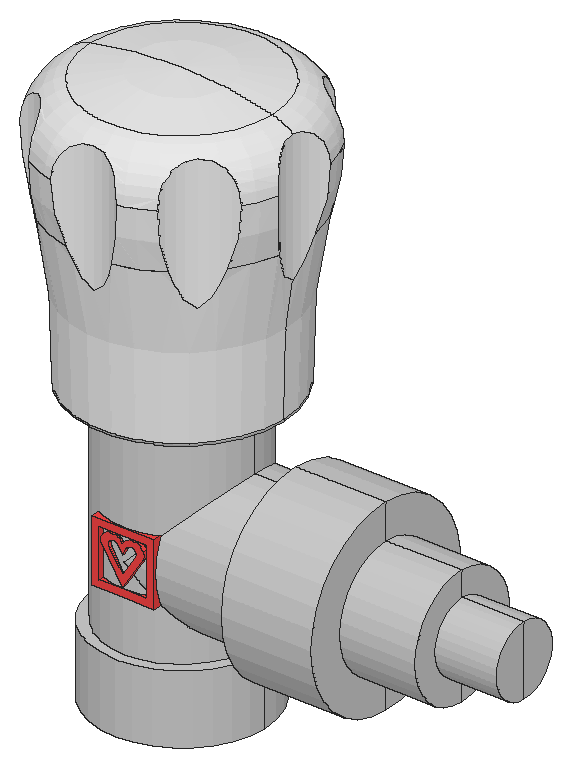
Revit family "GP Heizkörperregulierventil Eck 5524", category Rohrzubehör, Revit 2018
Family settings
  Bemaßung runder Anschluss = Durchmesser verwenden
  Teiletyp = Unterbricht
  OmniClass-Nummer = 23.65.55.14
  OmniClass-Titel = Valves for Liquid Services
  Arbeitsebenenbasiert = Nein
  Immer vertikal = Ja
  Beim Laden mit Abzugskörper schneiden = Nein
  Gemeinsam genutzt = Nein
Parameters
  URL = "www.herz-armaturen.at"
  SCRNSEQ = "ARM;ARM_TYP=\"ALLF\";2"
  SCRNCODE = "05;00;02"  # constant formula
  S04 = 45.000 mm  # constant formula
  S03 [instance] = H02 - 5.000 mm + 41.000 mm  # 60.000 mm
  S02 [instance] = L04 + L03 - L02  # 25.500 mm
  S01 = 10.000 mm  # constant formula
  Nennweite [instance] = 10.000 mm
  Medium = "Heizwasserqualität entsprechend ÖNORM H 5195 bzw. VDI-Richtllinie 2035."
  Max.Betriebstemperatur = 120 °C  # constant formula
  Max.Betriebsdruck = 1000000.0 Pa  # constant formula
  LO1 [instance] = R01 - 0.500 mm  # 10.000 mm
  L04 [instance] = size_lookup("5524_", "L4", 1.000 mm, Nennweite)  # 20.000 mm
  L03 [instance] = size_lookup("5524_", "L3", 1.000 mm, Nennweite)  # 13.000 mm
  L02 [instance] = size_lookup("5524_", "L2", 1.000 mm, Nennweite)  # 7.500 mm
  L01 [instance] = size_lookup("5524_", "L1", 1.000 mm, Nennweite)  # 24.000 mm
  Hersteller = "HERZ Armaturen Ges.m.b.H."  # constant formula
  Handrad = "Kunststoff, weiß"  # constant formula
  H03 [instance] = size_lookup("5524_", "H3", 1.000 mm, Nennweite)  # 10.000 mm
  H02 [instance] = size_lookup("5524_", "H2", 1.000 mm, Nennweite)  # 24.000 mm
  H01 [instance] = size_lookup("5524_", "H1", 1.000 mm, Nennweite)  # 22.000 mm
  Gehäuse = "vernickeltes Messing"  # constant formula
  GT1 [instance] = size_lookup("5524_", "GT1", 1.000 mm, Nennweite)  # 9.000 mm
  GT [instance] = size_lookup("5524_", "GT", 1.000 mm, Nennweite)  # 9.500 mm
  G2 [instance] = Nennweite / 2  # 5.000 mm
  G1 [instance] = Nennweite / 2  # 5.000 mm
  R01 = 10.500 mm  # constant formula
  D05 [instance] = size_lookup("5524_", "D5", 1.000 mm, Nennweite)  # 8.500 mm
  D04 [instance] = size_lookup("5524_", "D4", 1.000 mm, Nennweite)  # 13.500 mm
  D03 [instance] = R01  # 10.500 mm
  D02 [instance] = size_lookup("5524_", "D2", 1.000 mm, Nennweite)  # 7.940 mm
  D01 [instance] = size_lookup("5524_", "D1", 1.000 mm, Nennweite)  # 12.000 mm
  Bestellnummer [instance] = size_lookup("5524_", "Artnr", 0, Nennweite)  # 1552420
  Ausführungen = "Universalmodelle mit Spezialmuffen für Gewinderohr und Klemmsetanschluss, vernickelt."
Reference planes
  plane 1 "Mitte (Vorne/hinten)": y = 0
  plane 2: z = 0
  plane 3 "Mitte (Links/rechts)": x = 0
Forms (mm)
  Revolve 1, solid, material "Messing, weicher Gelbton, geschweißt", detail levels fine
    sketch origin (0, 0, 0) x (1, 0, 0) y (0, 0, 1)
      loop
        line (0, 24) -> (-10.5, 24) -> (-10.5, -12) -> (-12, -12) -> (-12, -22) -> (-5, -22) -> (-5, -12.5) -> (0, -12.5) -> (0, 24)
      axis (0, 24) -> (0, -22)
    angle from 0 to 360
  Revolve 2, solid, material "Messing, weicher Gelbton, geschweißt", detail levels fine
    sketch origin (0, 0, 0) x (1, 0, 0) y (0, 0, 1)
      loop
        line (0, 0) -> (24, 0) -> (24, 7.94) -> (16.5, 7.94) -> (16.5, 10.5) -> (0, 10.5) -> (0, 0)
      axis (0, 0) -> (24, 0)
    angle from 0 to 360
  Revolve 3, solid, material "Messing, weicher Gelbton, geschweißt", detail levels fine
    sketch origin (-1, 0, 0) x (1, 0, 0) y (0, 0, 1)
      loop
        line (25, 0) -> (50.5, 0) -> (50.5, 5) -> (41.5, 5) -> (41.5, 8.5) -> (30.5, 8.5) -> (30.5, 13.5) -> (17.5, 13.5) -> (17.5, 7.94) -> (25, 7.94) -> (25, 0)
      axis (17.5, 0) -> (50.5, 0)
    angle from 0 to 360
Lines and regions (mm)
  model lines, detail levels coarse+medium
    curve 1: line (0, 0, 0) -> (12, 0, -22)
    curve 2: line (12, 0, -22) -> (-12, 0, -22)
    curve 3: line (-12, 0, -22) -> (0, 0, 0)
    curve 4: line (0, 0, 0) -> (24, 0, 13.5)
    curve 5: line (24, 0, 13.5) -> (24, 0, -13.5)
    curve 6: line (24, 0, -13.5) -> (0, 0, 0)
    curve 7: line (24, 0, 13.5) -> (34, 0, 13.5)
    curve 8: line (34, 0, 13.5) -> (24, 0, 0)
    curve 9: line (24, 0, -13.5) -> (34, 0, -13.5)
    curve 10: line (34, 0, -13.5) -> (24, 0, 0)
    curve 11: line (24, 0, 0) -> (49.5, 0, 0)
    curve 12: line (0, 0, 0) -> (0, 0, 60)
    curve 13: line (-22.5, 0, 60) -> (22.5, 0, 60)
    curve 14: line (0, 0, 0) -> (0, 60, 0)
    curve 15: line (-22.5, 60, 0) -> (22.5, 60, 0)
    curve 16: line (0, 0, 0) -> (12, -22, 0)
    curve 17: line (12, -22, 0) -> (-12, -22, 0)
    curve 18: line (-12, -22, 0) -> (0, 0, 0)
    curve 19: line (0, 0, 0) -> (24, 13.5, 0)
    curve 20: line (24, 13.5, 0) -> (24, -13.5, 0)
    curve 21: line (24, -13.5, 0) -> (0, 0, 0)
    curve 22: line (24, 13.5, 0) -> (34, 13.5, 0)
    curve 23: line (34, 13.5, 0) -> (24, 0, 0)
    curve 24: line (24, -13.5, 0) -> (34, -13.5, 0)
    curve 25: line (24, 0, 0) -> (34, -13.5, 0)
Dimensions and locks
  "H02": Revolve 1 sketch curve to plane 2
  "H01": plane 2 to Revolve 1 sketch curve
  "R01": Revolve 1 sketch curve to Revolve 1 sketch curve
  "G1": Revolve 1 sketch curve to Revolve 1 sketch curve
  "D01": Revolve 1 sketch curve to Revolve 1 sketch curve
  "GT": Revolve 1 sketch curve to Revolve 1 sketch curve
  "H03": Revolve 1 sketch curve to Revolve 1 sketch curve
  "D02": Revolve 2 sketch curve to Revolve 2 sketch curve
  "D03": Revolve 2 sketch curve to Revolve 2 sketch curve
  "L01": Revolve 2 sketch curve to Revolve 2 sketch curve
  "L02": Revolve 2 sketch curve to Revolve 2 sketch curve
  "H02": nested 1 to plane 2
  "LO1": nested 2 to plane 1 "Mitte (Vorne/hinten)"
  "L02": Revolve 3 sketch curve to Revolve 3 sketch curve
  "L03": Revolve 3 sketch curve to Revolve 3 sketch curve
  "L04": Revolve 3 sketch curve to Revolve 3 sketch curve
  "D04": Revolve 3 sketch curve to Revolve 3 sketch curve
  "G2": Revolve 3 sketch curve to Revolve 3 sketch curve
  "D05": Revolve 3 sketch curve to Revolve 3 sketch curve
  "GT1": Revolve 3 sketch curve to Revolve 3 sketch curve
  "L01": plane 3 "Mitte (Links/rechts)" to Revolve 3 sketch curve
  "D02": Revolve 3 sketch curve to plane 2
  "H01": plane 2 to curve 2
  "L01": curve 5 to plane 3 "Mitte (Links/rechts)"
  "D01": curve 2 to plane 3 "Mitte (Links/rechts)" to curve 3
  "D04": curve 5 to plane 2 to curve 6
  "S01": curve 5 to curve 8
  "S01": curve 5 to curve 10
  "S02": curve 11 to curve 11
  "S03": curve 12 to plane 2
  equal spacing: curve 13, curve 12, curve 13
  "S04": curve 13 to curve 13
  "S04": curve 15 to curve 15
  equal spacing: curve 15, curve 14, curve 15
  "S03": plane 1 "Mitte (Vorne/hinten)" to curve 14
  "H01": curve 17 to plane 1 "Mitte (Vorne/hinten)"
  "D01": curve 18 to plane 3 "Mitte (Links/rechts)" to curve 17
  "L01": plane 3 "Mitte (Links/rechts)" to curve 20
  "D04": curve 21 to plane 1 "Mitte (Vorne/hinten)" to curve 20
  "S01": curve 20 to curve 23
  "S01": curve 20 to curve 25
  aligned and locked: level to plane 2
Automatic sketch dimensions
  curve 12 to plane 3 "Mitte (Links/rechts)" = 0.000 mm
  curve 4 to level = 0.000 mm
  curve 10 to level = 0.000 mm
  curve 8 to level = 0.000 mm
  plane 1 "Mitte (Vorne/hinten)" to curve 16 = 0.000 mm
  curve 16 to plane 3 "Mitte (Links/rechts)" = 0.000 mm
  plane 1 "Mitte (Vorne/hinten)" to curve 23 = 0.000 mm
  Revolve 1 sketch curve to plane 3 "Mitte (Links/rechts)" = 0.000 mm  (x2)
  Revolve 1 sketch curve to Revolve 1 sketch curve = 345.545 mm
  Revolve 1 sketch curve to Revolve 1 sketch curve = 2189.815 mm
  Revolve 2 sketch curve to level = 0.000 mm  (x2)
  Revolve 2 sketch curve to plane 3 "Mitte (Links/rechts)" = 0.000 mm
  Revolve 2 sketch curve to plane 3 "Mitte (Links/rechts)" = 1506.530 mm
  Revolve 2 sketch curve to Revolve 2 sketch curve = 1815.148 mm
  Revolve 3 sketch curve to level = 0.000 mm  (x2)
  Revolve 3 sketch curve to plane 3 "Mitte (Links/rechts)" = 1507.530 mm
  Revolve 3 sketch curve to Revolve 3 sketch curve = 1789.648 mm
Nested families
  nested 1: "Handrad-Heizkörperventile" at (0, 0, 18.5), type "Handrad-Heizkörperventile", detail levels fine
  nested 2: "Herz-Logo-vorne" at (0, -10, 0) x (0, -1, 0) z (0, 0, 1), type "Herz-Logo-vorne", detail levels fine
Connectors
  piping at (0, 0, -12.5), diameter 10, driven by "Nennweite"
    settings: on Revolve 1, index 1, connector inside diameter 609.6 mm, connector length 0.000 mm, flow factor 0, pipe flow 0.0 L/s, pressure drop 0.0 Pa, fitting loss kfactor 0, connector angle 0.00°, fixture units 0, engagement length 0.000 mm, angle of deflection 0.00°, flow configuration 0, flow direction 1, fitting loss method 0, system type 7, joint type 0, gender type 0, connector reference index -1, connector utility 0, adjustable connector no, is connector primary yes, connector description ""
  piping at (49.5, 0, 0), diameter 10, driven by "Nennweite"
    settings: on Revolve 3, index 2, connector inside diameter 609.6 mm, connector length 0.000 mm, flow factor 0, pipe flow 0.0 L/s, pressure drop 0.0 Pa, fitting loss kfactor 0, connector angle 0.00°, fixture units 0, engagement length 0.000 mm, angle of deflection 0.00°, flow configuration 0, flow direction 2, fitting loss method 0, system type 7, joint type 0, gender type 0, connector reference index -1, connector utility 0, adjustable connector no, is connector primary no, connector description ""
Definition of nested family "Handrad-Heizkörperventile"
  Parameters (values of type "Handrad-Heizkörperventile")
    T01 = 5.500 mm  # constant formula
    R01 = 10.500 mm  # constant formula
  Reference planes
    plane 1 "Mitte (Vorne/hinten)": y = 0
    plane 2: z = 0
    plane 3 "Mitte (Links/rechts)": x = 0
  Forms (mm)
    Revolve 1, solid, detail levels fine
      sketch origin (0, 0, 0) x (1, 0, 0) y (0, 0, 1)
        loop
          line (10.5, 0) -> (14.25, 0)
          arc (14.25, 0) -> (14.604, 0.146) -> (14.75, 0.5) r 0.5
          arc (14.75, 0.5) -> (15.098, 12.356) -> (17.195, 24.03) r 80
          arc (17.195, 24.03) -> (18.172, 28.281) -> (18.5, 32.63) r 29
          arc (18.5, 32.63) -> (17.011, 36.946) -> (13.177, 39.426) r 7
          arc (13.177, 39.426) -> (6.637, 40.626) -> (0, 41.028) r 55
          line (0, 41.028) -> (0, 5.5) -> (10.5, 5.5) -> (10.5, 0)
        axis (0, 41.028) -> (0, 0)
      angle from 0 to 360
    Extrusion 2, void
      sketch origin (0, 0, 0) x (1, 0, 0) y (0, 1, 0)
        loop
          arc (-16.011, 9.268) -> (-11.314, 11.314) -> (-9.268, 16.011) r 7
          arc (-9.268, 16.011) -> (-13.081, 13.081) -> (-16.011, 9.268) r 18.5
        loop
          arc (16.011, 9.268) -> (13.081, 13.081) -> (9.268, 16.011) r 18.5
          arc (9.268, 16.011) -> (11.314, 11.314) -> (16.011, 9.268) r 7
        loop
          arc (-16.011, -9.268) -> (-13.081, -13.081) -> (-9.268, -16.011) r 18.5
          arc (-9.268, -16.011) -> (-11.314, -11.314) -> (-16.011, -9.268) r 7
        loop
          arc (16.011, -9.268) -> (11.314, -11.314) -> (9.268, -16.011) r 7
          arc (9.268, -16.011) -> (13.081, -13.081) -> (16.011, -9.268) r 18.5
        loop
          arc (17.953, 4.58) -> (16.078, -0.188) -> (17.953, -4.956) r 7
          arc (17.953, -4.956) -> (18.578, -0.188) -> (17.953, 4.58) r 18.5
        loop
          arc (-17.953, 4.58) -> (-18.578, -0.188) -> (-17.953, -4.956) r 18.5
          arc (-17.953, -4.956) -> (-16.078, -0.188) -> (-17.953, 4.58) r 7
        loop
          arc (-4.58, 17.953) -> (0.188, 16.078) -> (4.956, 17.953) r 7
          arc (4.956, 17.953) -> (0.188, 18.578) -> (-4.58, 17.953) r 18.5
        loop
          arc (-4.58, -17.953) -> (0.188, -18.578) -> (4.956, -17.953) r 18.5
          arc (4.956, -17.953) -> (0.188, -16.078) -> (-4.58, -17.953) r 7
      from 15.609 to 43.011
  Cuts and joins
    Extrusion 2 cuts Revolve 1
  Dimensions and locks
    "R01": Revolve 1 sketch curve to Revolve 1 sketch curve
    Revolve 1 sketch curve to plane 3 "Mitte (Links/rechts)" = 14.750 mm
    "T01": Revolve 1 sketch curve to Revolve 1 sketch curve
    aligned and locked: level to plane 2
  Automatic sketch dimensions
    Extrusion 2 sketch curve to Extrusion 2 sketch curve = 0.000 mm  (x14)
    plane 1 "Mitte (Vorne/hinten)" to Extrusion 2 sketch curve = 0.000 mm
    Extrusion 2 sketch curve to plane 3 "Mitte (Links/rechts)" = 0.000 mm
    Extrusion 2 sketch curve to plane 3 "Mitte (Links/rechts)" = 0.078 mm
    Extrusion 2 sketch curve to plane 3 "Mitte (Links/rechts)" = 16.263 mm  (x2)
    plane 1 "Mitte (Vorne/hinten)" to Extrusion 2 sketch curve = 0.188 mm  (x2)
    Extrusion 2 sketch curve to Extrusion 2 sketch curve = 6.815 mm  (x4)
    plane 3 "Mitte (Links/rechts)" to Extrusion 2 sketch curve = 0.078 mm
    plane 3 "Mitte (Links/rechts)" to Extrusion 2 sketch curve = 0.188 mm  (x2)
    plane 1 "Mitte (Vorne/hinten)" to Extrusion 2 sketch curve = 0.078 mm
    Extrusion 2 sketch curve to Extrusion 2 sketch curve = 0.110 mm  (x2)
    Extrusion 2 sketch curve to plane 1 "Mitte (Vorne/hinten)" = 0.078 mm
    plane 3 "Mitte (Links/rechts)" to Extrusion 2 sketch curve = 16.263 mm  (x2)
    plane 1 "Mitte (Vorne/hinten)" to Extrusion 2 sketch curve = 16.263 mm  (x2)
    Extrusion 2 sketch curve to plane 1 "Mitte (Vorne/hinten)" = 16.263 mm  (x2)
    Extrusion 2 sketch curve to plane 3 "Mitte (Links/rechts)" = 4.580 mm  (x2)
    Extrusion 2 sketch curve to Extrusion 2 sketch curve = 4.688 mm  (x2)
    Extrusion 2 sketch curve to Extrusion 2 sketch curve = 0.252 mm  (x4)
    Extrusion 2 sketch curve to Extrusion 2 sketch curve = 1.942 mm  (x4)
    Extrusion 2 sketch curve to Extrusion 2 sketch curve = 4.312 mm  (x4)
    Revolve 1 sketch curve to plane 3 "Mitte (Links/rechts)" = 0.000 mm  (x2)
    Revolve 1 sketch curve to level = 0.000 mm
    Revolve 1 sketch curve to plane 3 "Mitte (Links/rechts)" = 10.500 mm
    plane 3 "Mitte (Links/rechts)" to Revolve 1 sketch curve = 11.500 mm
    Revolve 1 sketch curve to Revolve 1 sketch curve = 0.500 mm
    level to Revolve 1 sketch curve = 4.086 mm
    Revolve 1 sketch curve to Revolve 1 sketch curve = 79.920 mm
    Revolve 1 sketch curve to level = 13.972 mm
    Revolve 1 sketch curve to Revolve 1 sketch curve = 27.130 mm
    Revolve 1 sketch curve to Revolve 1 sketch curve = 8.398 mm
    Revolve 1 sketch curve to Revolve 1 sketch curve = 0.000 mm
    Revolve 1 sketch curve to Revolve 1 sketch curve = 1.305 mm
    Revolve 1 sketch curve to Revolve 1 sketch curve = 352.073 mm
    Revolve 1 sketch curve to Revolve 1 sketch curve = 2173.287 mm
Definition of nested family "Herz-Logo-vorne"
  Reference planes
    plane 1 "Mitte (Vorne/hinten)": y = 0
    plane 2: z = 0
    plane 3 "Mitte (Links/rechts)": x = 0
  Forms (mm)
    Extrusion 1, solid
      sketch origin (0.732, -0.018, 0.017) x (0, -1, 0) y (0, 0, 1)
        loop
          line (-0.018, -4.517) -> (4.482, -4.517) -> (4.482, 4.483) -> (-4.518, 4.483) -> (-4.518, -4.517) -> (-0.018, -4.517)
        loop
          line (-0.05, -3.48) -> (3.482, -3.48) -> (3.482, 3.483) -> (-3.518, 3.483) -> (-3.518, -3.48) -> (-0.05, -3.48)
        loop
          arc (-0.018, 2.383) -> (-1.543, 3.287) -> (-3.067, 2.383) r 1.738
          arc (-3.067, 2.383) -> (-3.191, 1.899) -> (-3.067, 1.415) r 1.009
          line (-3.067, 1.415) -> (-0.018, -3.281) -> (3.032, 1.415)
          arc (3.032, 1.415) -> (3.156, 1.899) -> (3.032, 2.383) r 1.009
          arc (3.032, 2.383) -> (1.507, 3.287) -> (-0.018, 2.383) r 1.738
        loop
          arc (1.885, 1.272) -> (2.005, 1.675) -> (1.885, 2.079) r 0.74
          arc (1.885, 2.079) -> (1.265, 2.416) -> (0.644, 2.079) r 0.74
          line (0.644, 2.079) -> (-0.018, 0.97) -> (-0.679, 2.079)
          arc (-0.679, 2.079) -> (-1.3, 2.416) -> (-1.921, 2.079) r 0.74
          arc (-1.921, 2.079) -> (-2.04, 1.675) -> (-1.921, 1.272) r 0.74
          line (-1.921, 1.272) -> (-0.018, -1.658) -> (1.885, 1.272)
      from 0 to 1.5
  Dimensions and locks
    aligned and locked: level to plane 2
